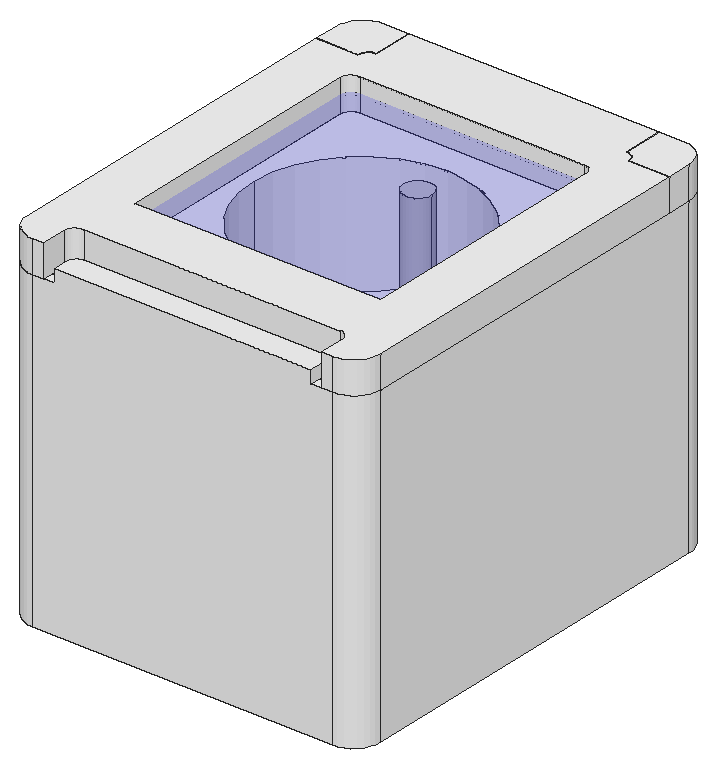
Revit family "Domotics-SerieCivili-GEWISS-27COMBI_SYSTEM-IP55_PRESA_FRA", category Apparecchi elettrici, host Superficie, Revit 2016
Family settings
  Host = Superficie
  Mantenere orientamento annotazione = Sì
  Tipo di parte = Normale
  Quota connettore circolare = Usa diametro
  Taglio con vuoti quando caricato = No
  Condiviso = No
  Punto di calcolo locali = Sì
Parameters (values of type "GW27845 - Presa standard Francese 2P+T 16A stagna")
  Volt = 230 V
  Viti coperchio = "Acciaio inox"
  Vista in pianta [instance] = yes
  Versione file RFA = "19.4"
  URL = "https://www.gewiss.com/it/it"
  Tipo sfondabili = "Asportabili con utensile"
  Tipo portella = "Con membrana"
  Termopressione con biglia = "70 °C"
  Tensione: = "250 V ac"
  Tensione = "250 V ac"
  Temperatura di installazione = "-25 +60 °C"
  TXT ELETTRICO [instance] = "16"
  Sportello chiuso [instance] = yes
  Simbolo [instance] = yes
  Scheda Tecnica = "https://www.gewiss.com/it/it/search?q=GW27845"
  SEO = "Contenitore"
  Default Elevation = 1219.2 mm
  Produttore = "GEWISS S.p.A."
  Norma di riferimento: = "IEC 60884-1"
  Norma di riferimento = "IEC 60884-1"
  N. poli = 1
  N. fori Ã˜ 23 sfondabili: = "Laterali 3 / Sul fondo 1"
  N. fori Ã˜ 23 con passacavo = "1"
  Modello = "GW27845"
  Immagine tipo = GW27845.jpg
  IFC.TypeObject = ""
  IFC.ExportType = ""
  IFC.ExportAs = ""
  IDT = "11e1d007-a5aa-4de5-b22c-509fa6353a3c"
  IDF = "0e6c8c16-1a11-4f51-af3f-248424206faa"
  Grado di protezione = "IP55"
  Glow Wire Test = "650°C"
  Distanza_x [instance] = 0 mm
  Distanza_effettiva_y [instance] = 100 mm
  Distanza_effettiva_x [instance] = 1000 mm - Distanza_x  # 1000 mm
  Distanza orizzontale del simbolo [instance] = 98.11 mm
  Distanza dal muro [instance] = 4.208 mm
  Dim. esterne BxHxP (mm) = "66x82x65"
  Descrizione: = "Presa 2P+T - 16 A"
  Descrizione = "PRESA STD FRA.2P+T 16A STAGNA"
  Creato da GEWISS S.p.A. = ""
  Coppia serraggio viti = "0,8NM"
  Colore portella = "Trasparente"
  Colore = "Grigio RAL 7035"
  Codice Electrocod = "0131"
  Codice EAN = "8011564095496"
  Classe isolamento = "II"
  Catalogo Serie = "27COMBI"
  Catalogo = "DOMOTICS"
  Carico apparente = 0 VA
  Caratteristiche = "Standard Francese"
  COBie.Tagnumber = ""
  COBie.CreatedOn = ""
  COBie.CreatebBy = ""
  COBie.ComponentRegisterItemID = ""
  COBie.Component.TagNumber = ""
  COBie.Component.Space = ""
  COBie.Component.SerialNumber = ""
  COBie.Component.InstallationDate = ""
  COBie.Component.Description = ""
  COBie.Component.BarCode = ""
Reference planes
  plane 1 "Centro (Fronte/Retro)": y = 0
  plane 2: z = 0
  plane 3 "Centro (Sinistra/Destra)": x = 0
  plane 4: x = -1000
  plane 5: x = 0
  plane 6: y = 100
Lines and regions (mm)
  Masking region 1, visible <- "Vista in pianta"
    outline origin (0, 0, 0) x (1, 0, 0) y (0, 0, 1)
      loop
        line (-33, 65) -> (-33, 0) -> (33, 0) -> (33, 65) -> (-33, 65)
  Masking region 2, visible <- "Vista in pianta"
    outline origin (0, 0, 0) x (0, 1, 0) y (0, 0, 1)
      loop
        line (-35.488, 65) -> (-35.488, 0) -> (46.512, 0) -> (46.512, 65) -> (-35.488, 65)
  Masking region 3, visible <- "Vista in pianta"
    outline origin (0, 0, 0) x (1, 0, 0) y (0, 1, 0)
      loop
        line (-28, -35.488) -> (28, -35.488)
        arc (28, -35.488) -> (31.536, -34.024) -> (33, -30.488) r 5
        line (33, -30.488) -> (33, 41.512)
        arc (33, 41.512) -> (31.536, 45.048) -> (28, 46.512) r 5
        line (28, 46.512) -> (-28, 46.512)
        arc (-28, 46.512) -> (-31.536, 45.048) -> (-33, 41.512) r 5
        line (-33, 41.512) -> (-33, -30.488)
        arc (-33, -30.488) -> (-31.536, -34.024) -> (-28, -35.488) r 5
      loop
        line (-31, 41.512) -> (-31, -30.488)
        arc (-31, -30.488) -> (-30.121, -32.609) -> (-28, -33.488) r 3
        line (-28, -33.488) -> (28, -33.488)
        arc (28, -33.488) -> (30.121, -32.609) -> (31, -30.488) r 3
        line (31, -30.488) -> (31, 41.512)
        arc (31, 41.512) -> (30.121, 43.633) -> (28, 44.512) r 3
        line (28, 44.512) -> (-28, 44.512)
        arc (-28, 44.512) -> (-30.121, 43.633) -> (-31, 41.512) r 3
      loop
        line (-23, -17.988) -> (23, -17.988) -> (23, 30.012)
        arc (23, 30.012) -> (22.414, 31.426) -> (21, 32.012) r 2
        line (21, 32.012) -> (-21, 32.012)
        arc (-21, 32.012) -> (-22.414, 31.426) -> (-23, 30.012) r 2
        line (-23, 30.012) -> (-23, -17.988)
      loop
        circle (0, 6.25) r 20.156
      loop
        circle (-11.281, 6.543) r 3.536
      loop
        circle (0, 19.432) r 2.674
      loop
        circle (11.281, 6.543) r 3.536
      loop
        arc (-23.996, -28.735) -> (-25.41, -29.321) -> (-25.996, -30.735) r 2
        line (-25.996, -30.735) -> (-25.996, -33.111) -> (25.996, -33.111) -> (25.996, -30.735)
        arc (25.996, -30.735) -> (25.41, -29.321) -> (23.996, -28.735) r 2
        line (23.996, -28.735) -> (-23.996, -28.735)
      loop
        arc (23.996, -32.735) -> (23.41, -31.321) -> (21.996, -30.735) r 2
        line (21.996, -30.735) -> (-21.996, -30.735)
        arc (-21.996, -30.735) -> (-23.41, -31.321) -> (-23.996, -32.735) r 2
        line (-23.996, -32.735) -> (23.996, -32.735)
Dimensions and locks
  plane 4 to plane 3 "Centro (Sinistra/Destra)" = 1000 mm
  "Distanza_effettiva_x": plane 4 to plane 5
  "Distanza_effettiva_y": plane 6 to plane 1 "Centro (Fronte/Retro)"
  aligned and locked: plane 2 to host face
  aligned and locked: level to host face
  aligned and locked: plane 3 "Centro (Sinistra/Destra)" to nested 1
  aligned and locked: plane 1 "Centro (Fronte/Retro)" to nested 1
  aligned and locked: plane 5 to nested 2
  aligned and locked: nested 2 to plane 6
  aligned and locked: Masking region 1 sketch curve to nested 1  (x4)
  aligned and locked: Masking region 2 sketch curve to nested 1  (x4)
Automatic sketch dimensions
  host sketch curve to host sketch curve = 2438.4 mm  (x2)
  Masking region 3 sketch curve to Masking region 3 sketch curve = 0 mm  (x9)
  Masking region 3 sketch curve to plane 3 "Centro (Sinistra/Destra)" = 0 mm  (x2)
  Masking region 3 sketch curve to plane 3 "Centro (Sinistra/Destra)" = 11.281 mm
  Masking region 3 sketch curve to plane 3 "Centro (Sinistra/Destra)" = 21 mm
  Masking region 3 sketch curve to plane 3 "Centro (Sinistra/Destra)" = 21.996 mm
  Masking region 3 sketch curve to Masking region 3 sketch curve = 1.004 mm
  Masking region 3 sketch curve to Masking region 3 sketch curve = 2 mm  (x6)
  Masking region 3 sketch curve to Masking region 3 sketch curve = 7 mm  (x2)
  Masking region 3 sketch curve to Masking region 3 sketch curve = 2.004 mm
  Masking region 3 sketch curve to Masking region 3 sketch curve = 3 mm  (x2)
  plane 3 "Centro (Sinistra/Destra)" to Masking region 3 sketch curve = 11.281 mm
  plane 3 "Centro (Sinistra/Destra)" to Masking region 3 sketch curve = 21 mm
  plane 3 "Centro (Sinistra/Destra)" to Masking region 3 sketch curve = 21.996 mm
  Masking region 3 sketch curve to Masking region 3 sketch curve = 4.004 mm
  plane 1 "Centro (Fronte/Retro)" to Masking region 3 sketch curve = 35.488 mm
  Masking region 3 sketch curve to Masking region 3 sketch curve = 0.377 mm  (x2)
  Masking region 3 sketch curve to Masking region 3 sketch curve = 10.747 mm
  Masking region 3 sketch curve to plane 1 "Centro (Fronte/Retro)" = 6.25 mm
  Masking region 3 sketch curve to plane 1 "Centro (Fronte/Retro)" = 6.543 mm  (x2)
  Masking region 3 sketch curve to Masking region 3 sketch curve = 13.182 mm
  Masking region 3 sketch curve to Masking region 3 sketch curve = 10.58 mm
  Masking region 3 sketch curve to Masking region 3 sketch curve = 9.5 mm
  Masking region 3 sketch curve to Masking region 3 sketch curve = 2.674 mm
  Masking region 3 sketch curve to Masking region 3 sketch curve = 3.536 mm  (x2)
  Masking region 3 sketch curve to Masking region 3 sketch curve = 5.339 mm
Nested families
  nested 1: "System Contenitori IP55 Compl Prese Fra_GENERICO" at (0, 0, 0), Sportellino Chiuso <- "Sportello chiuso", type "GW27845 Presa standard Francese 2P+T 16A stagna"
    with Sportellino Chiuso yes, Sportellino Aperto no
  nested 2: "SIMBOLO PRESE" at (0, 100, 0), TESTO ELETTRICO <- "TXT ELETTRICO", Distanza dal muro <- "Distanza dal muro", SIMBOLO <- "Simbolo", visible <- "Simbolo", type "PRESA"
    with TESTO ELETTRICO "16", SIMBOLO yes, Distanza dal muro 4.208 mm, BORDO ACCESO yes
Connectors
  electrical at (0, 5.512, 0), driven by "N. poli", driven by "Volt", driven by "Carico apparente"
    settings: on nested 1, index 1, voltage 230 V, apparent load 0 VA, apparent load phase1 0 VA, apparent load phase2 0 VA, apparent load phase3 0 VA, power factor 1, load classification "Altro", number of poles 1, system type 31, power factor state 1, is connector primary yes, connector utility no, sub classification motor no, connector description ""
Definition of nested family "System Contenitori IP55 Compl Prese Fra_GENERICO"
  Parameters (values of type "GW27845 Presa standard Francese 2P+T 16A stagna")
    Vetro Sportello = none
    Sportellino Chiuso [instance] = yes
    Sportellino Aperto [instance] = not(Sportellino Chiuso)  # no
    Profondità = 32 mm
    Lunghezza = 82 mm
    Larghezza = 66 mm
    Contenitore = none
    Altezza da terra = 750 mm
  Reference planes
    plane 1 "Centro (Fronte/Retro)": y = 0
    plane 2: z = 0
    plane 3 "Centro (Sinistra/Destra)": x = 0
    plane 4: y = -35.488
    plane 5: x = -33
    plane 6: x = 33
    plane 7: y = 46.512
    plane 8: x = -23
    plane 9: x = 23
    plane 10: y = -17.988
    plane 11: y = 41.512
    plane 12: y = 43.737
    plane 13 "Lato Superiore Vetro Aperto": y = 44.237
    plane 14: z = 65
    plane 15: z = 59
    plane 16: z = 62.25
    plane 17: z = 61.75
    plane 18: z = 60
    plane 19: z = 36
    plane 20: z = 35
  Forms (mm)
    Extrusion 1, solid, material <- "Contenitore"
      sketch origin (0, 0, 27) x (1, 0, 0) y (0, 1, 0)
        loop
          arc (-28, 46.512) -> (-31.536, 45.048) -> (-33, 41.512) r 5
          line (-33, 41.512) -> (-33, -30.488)
          arc (-33, -30.488) -> (-31.536, -34.024) -> (-28, -35.488) r 5
          line (-28, -35.488) -> (28, -35.488)
          arc (28, -35.488) -> (31.536, -34.024) -> (33, -30.488) r 5
          line (33, -30.488) -> (33, 41.512)
          arc (33, 41.512) -> (31.536, 45.048) -> (28, 46.512) r 5
          line (28, 46.512) -> (-28, 46.512)
        loop
          arc (-31, -30.488) -> (-30.121, -32.609) -> (-28, -33.488) r 3
          line (-28, -33.488) -> (28, -33.488)
          arc (28, -33.488) -> (30.121, -32.609) -> (31, -30.488) r 3
          line (31, -30.488) -> (31, 41.512)
          arc (31, 41.512) -> (30.121, 43.633) -> (28, 44.512) r 3
          line (28, 44.512) -> (-28, 44.512)
          arc (-28, 44.512) -> (-30.121, 43.633) -> (-31, 41.512) r 3
          line (-31, 41.512) -> (-31, -30.488)
      from 32 to -27
    Extrusion 2, solid, material <- "Contenitore", visible <- "Sportellino Chiuso", detail levels fine
      sketch origin (0, 0, 27) x (1, 0, 0) y (0, 1, 0)
        loop
          line (-23.414, 46.512) -> (-23.414, 38.927)
          arc (-23.414, 38.927) -> (-24.751, 38.373) -> (-25.304, 37.037) r 1.89
          line (-25.304, 37.037) -> (-33, 37.037) -> (-33, -30.488)
          arc (-33, -30.488) -> (-31.536, -34.024) -> (-28, -35.488) r 5
          line (-28, -35.488) -> (-25.996, -35.488) -> (-25.996, -30.735)
          arc (-25.996, -30.735) -> (-25.41, -29.321) -> (-23.996, -28.735) r 2
          line (-23.996, -28.735) -> (23.996, -28.735)
          arc (23.996, -28.735) -> (25.41, -29.321) -> (25.996, -30.735) r 2
          line (25.996, -30.735) -> (25.996, -35.488) -> (28, -35.488)
          arc (28, -35.488) -> (31.536, -34.024) -> (33, -30.488) r 5
          line (33, -30.488) -> (33, 37.037) -> (25.304, 37.037)
          arc (25.304, 37.037) -> (24.751, 38.373) -> (23.414, 38.927) r 1.89
          line (23.414, 38.927) -> (23.414, 46.512) -> (-23.414, 46.512)
        loop
          arc (-21, 32.012) -> (-22.414, 31.426) -> (-23, 30.012) r 2
          line (-23, 30.012) -> (-23, -17.988) -> (23, -17.988) -> (23, 30.012)
          arc (23, 30.012) -> (22.414, 31.426) -> (21, 32.012) r 2
          line (21, 32.012) -> (-21, 32.012)
      from 38 to 32
    Extrusion 3, solid, material <- "Contenitore"
      sketch origin (0, 0, 27) x (1, 0, 0) y (0, 1, 0)
        loop
          line (-23.996, -35.488) -> (23.996, -35.488) -> (23.996, -32.735)
          arc (23.996, -32.735) -> (23.41, -31.321) -> (21.996, -30.735) r 2
          line (21.996, -30.735) -> (-21.996, -30.735)
          arc (-21.996, -30.735) -> (-23.41, -31.321) -> (-23.996, -32.735) r 2
          line (-23.996, -32.735) -> (-23.996, -35.488)
      from 32 to 34.388
    Extrusion 4, solid, material <- "Vetro Sportello", visible <- "Sportellino Chiuso"
      sketch origin (0, 0, 29.5) x (1, 0, 0) y (0, 1, 0)
        loop
          arc (-21, 32.012) -> (-22.414, 31.426) -> (-23, 30.012) r 2
          line (-23, 30.012) -> (-23, -17.988) -> (23, -17.988) -> (23, 30.012)
          arc (23, 30.012) -> (22.414, 31.426) -> (21, 32.012) r 2
          line (21, 32.012) -> (-21, 32.012)
      from 32.25 to 32.75
    Extrusion 5, solid, material <- "Contenitore", detail levels fine
      sketch origin (0, 0, 27) x (1, 0, 0) y (0, 1, 0)
        loop
          arc (-28, 46.512) -> (-31.536, 45.048) -> (-33, 41.512) r 5
          line (-33, 41.512) -> (-33, 37.037) -> (-25.304, 37.037)
          arc (-25.304, 37.037) -> (-24.751, 38.373) -> (-23.414, 38.927) r 1.89
          line (-23.414, 38.927) -> (-23.414, 46.512) -> (-28, 46.512)
      from 32 to 38
    Extrusion 6, solid, material <- "Contenitore", detail levels fine
      sketch origin (0, 0, 27) x (1, 0, 0) y (0, 1, 0)
        loop
          line (23.414, 46.512) -> (23.414, 38.927)
          arc (23.414, 38.927) -> (24.751, 38.373) -> (25.304, 37.037) r 1.89
          line (25.304, 37.037) -> (33, 37.037) -> (33, 41.512)
          arc (33, 41.512) -> (31.536, 45.048) -> (28, 46.512) r 5
          line (28, 46.512) -> (23.414, 46.512)
      from 32 to 38
    Extrusion 7, solid, material <- "Contenitore", visible <- "Sportellino Aperto", detail levels fine
      sketch origin (0, -785.488, 59) x (1, 0, 0) y (0, 0, -1)
        loop
          line (-23.414, 0) -> (-23.414, -7.585)
          arc (-23.414, -7.585) -> (-24.751, -8.139) -> (-25.304, -9.475) r 1.89
          line (-25.304, -9.475) -> (-33, -9.475) -> (-33, -77)
          arc (-33, -77) -> (-31.536, -80.536) -> (-28, -82) r 5
          line (-28, -82) -> (-25.996, -82) -> (-25.996, -77.697)
          arc (-25.996, -77.697) -> (-25.278, -75.964) -> (-23.545, -75.247) r 2.45
          line (-23.545, -75.247) -> (23.496, -75.247)
          arc (23.496, -75.247) -> (25.264, -75.979) -> (25.996, -77.747) r 2.5
          line (25.996, -77.747) -> (25.996, -82) -> (28, -82)
          arc (28, -82) -> (31.536, -80.536) -> (33, -77) r 5
          line (33, -77) -> (33, -9.475) -> (25.304, -9.475)
          arc (25.304, -9.475) -> (24.751, -8.139) -> (23.414, -7.585) r 1.89
          line (23.414, -7.585) -> (23.414, 0) -> (-23.414, 0)
        loop
          arc (-20.971, -14.5) -> (-22.406, -15.094) -> (-23, -16.529) r 2.029
          line (-23, -16.529) -> (-23, -64.5) -> (23, -64.5) -> (23, -16.473)
          arc (23, -16.473) -> (22.422, -15.078) -> (21.027, -14.5) r 1.973
          line (21.027, -14.5) -> (-20.971, -14.5)
      from 827 to 832
    Extrusion 8, solid, material <- "Contenitore"
      sketch origin (0, 0, 54) x (1, 0, 0) y (0, 1, 0)
        loop
          arc (-31, -30.488) -> (-30.121, -32.609) -> (-28, -33.488) r 3
          line (-28, -33.488) -> (28, -33.488)
          arc (28, -33.488) -> (30.121, -32.609) -> (31, -30.488) r 3
          line (31, -30.488) -> (31, 41.512)
          arc (31, 41.512) -> (30.121, 43.633) -> (28, 44.512) r 3
          line (28, 44.512) -> (-28, 44.512)
          arc (-28, 44.512) -> (-30.121, 43.633) -> (-31, 41.512) r 3
          line (-31, 41.512) -> (-31, -30.488)
        loop
          line (21, 32.012) -> (-21, 32.012)
          arc (-21, 32.012) -> (-22.414, 31.426) -> (-23, 30.012) r 2
          line (-23, 30.012) -> (-23, -17.988) -> (23, -17.988) -> (23, 30.012)
          arc (23, 30.012) -> (22.414, 31.426) -> (21, 32.012) r 2
      from 5 to -19
    Extrusion 9, solid, material <- "Contenitore"
      sketch origin (0, 0, 0) x (1, 0, 0) y (0, 1, 0)
        loop
          line (21, 32.012) -> (-21, 32.012)
          arc (-21, 32.012) -> (-22.414, 31.426) -> (-23, 30.012) r 2
          line (-23, 30.012) -> (-23, -17.988) -> (23, -17.988) -> (23, 30.012)
          arc (23, 30.012) -> (22.414, 31.426) -> (21, 32.012) r 2
      from 36 to 35
    Extrusion 10, solid, material <- "Contenitore"
      sketch origin (0, 0, 0) x (1, 0, 0) y (0, 1, 0)
        loop
          circle (0, 6.25) r 20.156
        loop
          line (21, 32.012) -> (-21, 32.012)
          arc (-21, 32.012) -> (-22.414, 31.426) -> (-23, 30.012) r 2
          line (-23, 30.012) -> (-23, -17.988) -> (23, -17.988) -> (23, 30.012)
          arc (23, 30.012) -> (22.414, 31.426) -> (21, 32.012) r 2
      from 36 to 59
    Extrusion 11, solid
      sketch origin (0, 0, 0) x (1, 0, 0) y (0, 1, 0)
        loop
          circle (-11.281, 6.543) r 3.536
        loop
          circle (11.281, 6.543) r 3.536
      from 0 to 35
    Extrusion 12, void, detail levels fine
      sketch origin (0, 0, 0) x (1, 0, 0) y (0, 1, 0)
        loop
          circle (-11.281, 6.543) r 3.536
        loop
          circle (11.281, 6.543) r 3.536
      from 35 to 36
    Extrusion 13, solid, detail levels fine
      sketch origin (0, 0, 0) x (1, 0, 0) y (0, 1, 0)
        loop
          circle (0, 19.432) r 2.674
      from 36 to 59
  Cuts and joins
    joined: Extrusion 1, Extrusion 3
    Extrusion 12 cuts Extrusion 4
    Extrusion 12 cuts Extrusion 9
    Extrusion 12 cuts Extrusion 11
  Lines and regions (mm)
    model lines, detail levels medium+fine
      curve 1: circle (0, 6.25, 36) r 20.156 normal (0, 0, -1)
    model lines, detail levels fine
      curve 2: circle (-11.281, 6.543, 36) r 3.536 normal (0, 0, -1)
      curve 3: circle (11.281, 6.543, 36) r 3.536 normal (0, 0, -1)
      curve 4: circle (0, 19.432, 36) r 2.674 normal (0, 0, 1)
  Dimensions and locks
    equal spacing: plane 6, plane 3 "Centro (Sinistra/Destra)", plane 5
    "Larghezza": plane 6 to plane 5
    locked: plane 9 to plane 6 at 10
    locked: plane 8 to plane 5 at 10
    plane 14 to plane 2 = 65 mm
    locked: plane 14 to plane 15 at 6
    plane 14 to plane 15 = 6 mm
    plane 14 to plane 16 to plane 17 = 2.75 mm locked, 0.5 mm locked
    Extrusion 2 to Extrusion 8 = 30 mm
    locked: plane 15 to plane 19 at 23
    aligned and locked: level to plane 2
    aligned and locked: plane 5 to Extrusion 2 sketch curve
    aligned and locked: plane 6 to Extrusion 2 sketch curve
    aligned and locked: Extrusion 2 sketch curve to plane 7
    aligned and locked: plane 4 to Extrusion 2 sketch curve  (x2)
    aligned and locked: plane 8 to Extrusion 4 sketch curve
    aligned and locked: plane 9 to Extrusion 4 sketch curve
    aligned and locked: plane 10 to Extrusion 4 sketch curve
    aligned and locked: plane 8 to Extrusion 2 sketch curve
    aligned and locked: plane 10 to Extrusion 2 sketch curve
    aligned and locked: plane 9 to Extrusion 2 sketch curve
    aligned and locked: Extrusion 5 sketch curve to plane 7
    aligned and locked: Extrusion 6 sketch curve to plane 7
    aligned and locked: plane 6 to Extrusion 6 sketch curve
    aligned and locked: Extrusion 7 sketch curve to plane 5
    aligned and locked: plane 6 to Extrusion 7 sketch curve
    aligned and locked: plane 8 to Extrusion 7 sketch curve
    aligned and locked: Extrusion 7 sketch curve to plane 9
    aligned and locked: Extrusion 7 to plane 7
    aligned and locked: Extrusion 7 to plane 11
    aligned and locked: Extrusion 2 to Extrusion 5  (x2)
    aligned and locked: plane 14 to Extrusion 2
    aligned and locked: plane 15 to Extrusion 8
    aligned and locked: Extrusion 2 to Extrusion 8
    aligned and locked: Extrusion 6 to Extrusion 2
    aligned and locked: Extrusion 2 to Extrusion 6
    aligned and locked: Extrusion 3 to Extrusion 2
    aligned and locked: Extrusion 4 to plane 17
    aligned and locked: Extrusion 4 to plane 16
    aligned and locked: Extrusion 1 to Extrusion 2
    aligned and locked: Extrusion 9 to plane 20
    aligned and locked: Extrusion 10 to curve 1
    aligned and locked: Extrusion 10 to Extrusion 2
    aligned and locked: Extrusion 8 to Extrusion 9
    aligned and locked: plane 20 to Extrusion 11
    aligned and locked: Extrusion 8 to Extrusion 12
    aligned and locked: curve 1 to Extrusion 12
  Automatic sketch dimensions
    Extrusion 3 sketch curve to plane 4 = 0 mm
    Extrusion 3 sketch curve to plane 8 = 0.996 mm
    plane 8 to Extrusion 3 sketch curve = 1.004 mm
    plane 9 to Extrusion 3 sketch curve = 1.004 mm
    Extrusion 3 sketch curve to plane 9 = 0.996 mm
    plane 4 to Extrusion 3 sketch curve = 2.753 mm
    plane 5 to Extrusion 7 sketch curve = 5 mm
    Extrusion 7 sketch curve to Extrusion 7 sketch curve = 2.004 mm  (x2)
    Extrusion 7 sketch curve to plane 8 = 2.304 mm
    Extrusion 7 sketch curve to plane 8 = 0.545 mm
    Extrusion 7 sketch curve to plane 8 = 0.414 mm
    plane 8 to Extrusion 7 sketch curve = 2.029 mm
    plane 9 to Extrusion 7 sketch curve = 1.973 mm
    Extrusion 7 sketch curve to plane 9 = 0.414 mm
    Extrusion 7 sketch curve to plane 9 = 0.496 mm
    Extrusion 7 sketch curve to Extrusion 7 sketch curve = 1.89 mm
    Extrusion 7 sketch curve to plane 9 = 2.996 mm
    level to Extrusion 7 sketch curve = 141 mm
    Extrusion 7 sketch curve to Extrusion 7 sketch curve = 0 mm
    Extrusion 7 sketch curve to Extrusion 7 sketch curve = 0.747 mm
    Extrusion 7 sketch curve to Extrusion 7 sketch curve = 10.747 mm
    Extrusion 7 sketch curve to Extrusion 7 sketch curve = 47.971 mm
    Extrusion 7 sketch curve to Extrusion 7 sketch curve = 5.025 mm  (x2)
    Extrusion 7 sketch curve to Extrusion 7 sketch curve = 7.585 mm
    Extrusion 1 sketch curve to Extrusion 1 sketch curve = 0 mm  (x8)
    Extrusion 1 sketch curve to plane 5 = 0 mm
    Extrusion 1 sketch curve to plane 11 = 0 mm  (x2)
    Extrusion 1 sketch curve to plane 4 = 0 mm
    Extrusion 1 sketch curve to plane 7 = 0 mm
    Extrusion 1 sketch curve to plane 6 = 0 mm
    plane 5 to Extrusion 1 sketch curve = 2 mm
    Extrusion 1 sketch curve to Extrusion 1 sketch curve = 3 mm
    plane 6 to Extrusion 1 sketch curve = 5 mm
    Extrusion 2 sketch curve to Extrusion 2 sketch curve = 5 mm
    Extrusion 2 sketch curve to Extrusion 2 sketch curve = 2.004 mm  (x2)
    Extrusion 2 sketch curve to plane 8 = 2.304 mm
    Extrusion 2 sketch curve to plane 8 = 0.996 mm
    Extrusion 2 sketch curve to plane 8 = 0.414 mm
    Extrusion 2 sketch curve to Extrusion 2 sketch curve = 2 mm  (x2)
    Extrusion 2 sketch curve to plane 9 = 0.414 mm
    Extrusion 2 sketch curve to plane 9 = 0.996 mm
    Extrusion 2 sketch curve to Extrusion 2 sketch curve = 1.89 mm
    Extrusion 2 sketch curve to plane 9 = 2.996 mm
    Extrusion 2 sketch curve to Extrusion 2 sketch curve = 0.247 mm
    Extrusion 2 sketch curve to plane 11 = 11.5 mm
    Extrusion 2 sketch curve to plane 11 = 4.475 mm  (x2)
    Extrusion 4 sketch curve to Extrusion 4 sketch curve = 2 mm  (x2)
    Extrusion 4 sketch curve to plane 11 = 11.5 mm
    Extrusion 5 sketch curve to plane 5 = 0 mm
    Extrusion 5 sketch curve to plane 11 = 0 mm
    Extrusion 5 sketch curve to plane 8 = 2.304 mm
    Extrusion 5 sketch curve to plane 8 = 0.414 mm
    Extrusion 5 sketch curve to plane 11 = 2.585 mm
    Extrusion 6 sketch curve to plane 11 = 0 mm
    Extrusion 6 sketch curve to plane 9 = 2.304 mm
    Extrusion 6 sketch curve to plane 9 = 0.414 mm
    Extrusion 6 sketch curve to plane 11 = 2.585 mm
    Extrusion 8 sketch curve to plane 11 = 0 mm  (x2)
    Extrusion 8 sketch curve to plane 8 = 0 mm
    Extrusion 8 sketch curve to plane 9 = 0 mm
    Extrusion 8 sketch curve to plane 10 = 0 mm
    plane 5 to Extrusion 8 sketch curve = 5 mm  (x2)
    plane 5 to Extrusion 8 sketch curve = 2 mm
    plane 8 to Extrusion 8 sketch curve = 2 mm
    Extrusion 8 sketch curve to Extrusion 8 sketch curve = 2 mm
    plane 6 to Extrusion 8 sketch curve = 5 mm
    plane 4 to Extrusion 8 sketch curve = 2 mm
    Extrusion 8 sketch curve to Extrusion 8 sketch curve = 3 mm
    Extrusion 8 sketch curve to plane 11 = 11.5 mm
    Extrusion 9 sketch curve to plane 8 = 0 mm
    Extrusion 9 sketch curve to plane 9 = 0 mm
    Extrusion 9 sketch curve to plane 10 = 0 mm
    Extrusion 9 sketch curve to Extrusion 9 sketch curve = 2 mm
    plane 9 to Extrusion 9 sketch curve = 2 mm
    Extrusion 9 sketch curve to plane 11 = 11.5 mm
    curve 4 to plane 3 "Centro (Sinistra/Destra)" = 0 mm
    curve 1 to plane 3 "Centro (Sinistra/Destra)" = 0 mm
    curve 2 to plane 3 "Centro (Sinistra/Destra)" = 11.281 mm
    plane 3 "Centro (Sinistra/Destra)" to curve 3 = 11.281 mm
    Extrusion 10 sketch curve to plane 8 = 0 mm
    Extrusion 10 sketch curve to plane 3 "Centro (Sinistra/Destra)" = 0 mm
    Extrusion 10 sketch curve to plane 9 = 0 mm
    Extrusion 10 sketch curve to plane 10 = 0 mm
    Extrusion 10 sketch curve to Extrusion 10 sketch curve = 2 mm  (x2)
    Extrusion 10 sketch curve to plane 11 = 11.5 mm
    curve 4 to plane 1 "Centro (Fronte/Retro)" = 19.432 mm
    curve 3 to plane 1 "Centro (Fronte/Retro)" = 6.543 mm
    curve 2 to plane 1 "Centro (Fronte/Retro)" = 6.543 mm
    curve 1 to plane 1 "Centro (Fronte/Retro)" = 6.25 mm
    Extrusion 10 sketch curve to plane 1 "Centro (Fronte/Retro)" = 6.25 mm
    Extrusion 12 sketch curve to plane 3 "Centro (Sinistra/Destra)" = 11.281 mm
    Extrusion 12 sketch curve to plane 1 "Centro (Fronte/Retro)" = 6.543 mm  (x2)
    Extrusion 12 sketch curve to Extrusion 12 sketch curve = 3.536 mm  (x2)
    Extrusion 12 sketch curve to Extrusion 12 sketch curve = 0 mm  (x2)
    plane 3 "Centro (Sinistra/Destra)" to Extrusion 12 sketch curve = 11.281 mm
    radius of curve 1 = 20.156 mm
    radius of curve 2 = 3.536 mm
    radius of curve 3 = 3.536 mm
    radius of curve 4 = 2.674 mm
    radius of Extrusion 10 sketch curve = 20.156 mm
Definition of nested family "SIMBOLO PRESE"
  Parameters (values of type "PRESA")
    TESTO ELETTRICO [instance] = "TXT"
    Simbolo = SIMBOLO PRESE_BASE : PRESA
    SIMBOLO [instance] = yes
    Distanza dal muro [instance] = 4.208 mm
    BORDO ACCESO [instance] = yes
  Reference planes
    plane 1: y = 0
    plane 2: x = 0
  Dimensions and locks
    aligned and locked: plane 1 to nested 1
    aligned and locked: plane 2 to nested 1
  Nested families
    nested 1: "SIMBOLO PRESE_BASE" at (0, 0, 0), type <- "Simbolo", TESTO ELETTRICO <- "TESTO ELETTRICO", BORDO ACCESO <- "BORDO ACCESO", visible <- "SIMBOLO", type "PRESA"
      with TESTO ELETTRICO "TXT", BORDO ACCESO yes
  Definition of nested family "SIMBOLO PRESE_BASE"
    Parameters (values of type "PRESA")
      TESTO ELETTRICO [instance] = "TXT"
      Distanza dal muro = 4.208 mm
      BORDO ACCESO [instance] = yes
    Reference planes
      plane 1: y = 0
      plane 2: x = 0
    Lines and regions (mm)
      detail lines, visible <- "BORDO ACCESO", not visible
        curve 1: line (-1.743, 9.208, 0) -> (2.057, 9.208, 0)
        curve 2: line (2.057, 9.208, 0) -> (2.057, 4.208, 0)
        curve 3: line (2.057, 4.208, 0) -> (-1.743, 4.208, 0)
        curve 4: line (-1.743, 4.208, 0) -> (-1.743, 9.208, 0)
        curve 5: line (-1.543, 9.008, 0) -> (1.857, 9.008, 0)
        curve 6: line (1.857, 9.008, 0) -> (1.857, 4.408, 0)
        curve 7: line (1.857, 4.408, 0) -> (-1.543, 4.408, 0)
        curve 8: line (-1.543, 4.408, 0) -> (-1.543, 9.008, 0)
      detail lines
        curve 9: line (0.783, 1.133, 0) -> (-0.783, 1.133, 0)
        curve 10: line (0, 1.133, 0) -> (0, 0.349, 0)
        curve 11: arc (-0.783, 1.916, 0) -> (0, 1.133, 0) -> (0.783, 1.916, 0) r 0.783
    Text (mm)
      label "TXT" at (0.016, 1.578, 0), shows "TESTO ELETTRICO"
